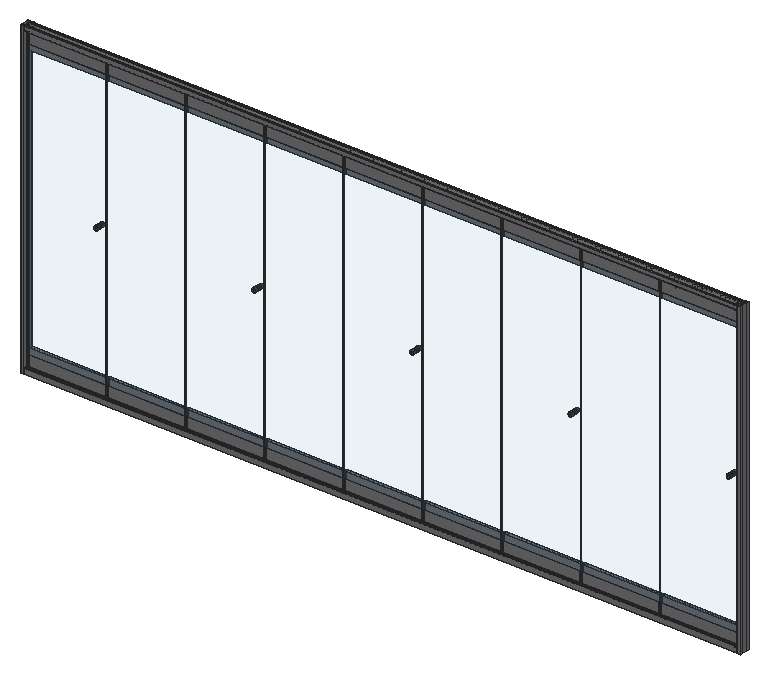
Revit family "QFL9 LH 2380", category Doors, host Wall, Revit 2024
Family settings
  Host = Wall
  OmniClass Number = 23.30.10.00
  OmniClass Title = Doors
  Always vertical = Yes
  Cut with Voids When Loaded = No
  Shared = No
  Room Calculation Point = No
Parameters
  Function = Interior
  Frame Projection Ext. = 25 mm
  Frame Projection Int. = 25 mm
  Frame Width = 75 mm
  Height = 2383 mm
  Wall Closure = By host
  Width = 5511 mm
  Define Thermal Properties by = Schematic Type
  Analytic Construction = "<None>"
Reference planes
  plane 1: y = 0
  plane 2 "Center (Left/Right)": x = 0
  plane 3 "Left": x = -2755.5
  plane 4 "Right": x = 2755.5
  plane 5: z = 2383
  plane 6 "Exterior": y = 75
  plane 7 "Interior": y = -75
Forms (mm)
  Extrusion 1, solid, material "ALUMINIUM CHAR (TEST)"
    sketch origin (-0.37, 0, 0) x (1, 0, 0) y (0, 1, 0)
      loop
        line (2755.87, 37.5) -> (2725.87, 37.5) -> (2725.87, 34.4) -> (2726.87, 34.4) -> (2726.87, 35.9) -> (2728.37, 35.9) -> (2728.37, 28.3) -> (2726.87, 28.3) -> (2726.87, 29.8) -> (2725.87, 29.8) -> (2725.87, 1.2) -> (2726.87, 1.2) -> (2726.87, 2.7) -> (2728.37, 2.7) -> (2728.37, -4.9) -> (2726.87, -4.9) -> (2726.87, -3.4) -> (2725.87, -3.4) -> (2725.87, -13.1) -> (2721.87, -13.1) -> (2721.87, -11)
        arc (2721.87, -11) -> (2721.724, -10.646) -> (2721.37, -10.5) r 0.5
        line (2721.37, -10.5) -> (2718.62, -10.5) -> (2718.62, -11.5) -> (2720.22, -11.5) -> (2720.22, -13.1) -> (2712.52, -13.1) -> (2712.52, -11.5) -> (2714.12, -11.5) -> (2714.12, -10.5) -> (2711.37, -10.5)
        arc (2711.37, -10.5) -> (2711.017, -10.646) -> (2710.87, -11) r 0.5
        line (2710.87, -11) -> (2710.87, -14.4)
        arc (2710.87, -14.4) -> (2711.017, -14.754) -> (2711.37, -14.9) r 0.5
        line (2711.37, -14.9) -> (2725.87, -14.9) -> (2725.87, -37.5) -> (2755.87, -37.5) -> (2755.87, -22) -> (2754.37, -22) -> (2754.37, -24.5) -> (2751.37, -24.5) -> (2751.37, 24.5) -> (2754.37, 24.5) -> (2754.37, 22) -> (2755.87, 22) -> (2755.87, 37.5)
      loop
        line (2753.87, 26.3) -> (2753.87, 35.5) -> (2730.17, 35.5) -> (2730.17, 27.7)
        arc (2730.17, 27.7) -> (2729.877, 26.993) -> (2729.17, 26.7) r 1
        line (2729.17, 26.7) -> (2727.87, 26.7) -> (2727.87, 4.3) -> (2729.17, 4.3)
        arc (2729.17, 4.3) -> (2729.877, 4.007) -> (2730.17, 3.3) r 1
        line (2730.17, 3.3) -> (2730.17, -5.5)
        arc (2730.17, -5.5) -> (2729.877, -6.207) -> (2729.17, -6.5) r 1
        line (2729.17, -6.5) -> (2727.67, -6.5) -> (2727.67, -35.5) -> (2753.87, -35.5) -> (2753.87, -26.3) -> (2750.97, -26.3)
        arc (2750.97, -26.3) -> (2749.98, -25.89) -> (2749.57, -24.9) r 1.4
        line (2749.57, -24.9) -> (2749.57, 24.9)
        arc (2749.57, 24.9) -> (2749.98, 25.89) -> (2750.97, 26.3) r 1.4
        line (2750.97, 26.3) -> (2753.87, 26.3)
      loop
        line (-2755.13, 37.5) -> (-2755.13, 22) -> (-2753.63, 22) -> (-2753.63, 24.5) -> (-2750.63, 24.5) -> (-2750.63, -24.5) -> (-2753.63, -24.5) -> (-2753.63, -22) -> (-2755.13, -22) -> (-2755.13, -37.5) -> (-2725.13, -37.5) -> (-2725.13, -14.9) -> (-2710.63, -14.9)
        arc (-2710.63, -14.9) -> (-2710.276, -14.754) -> (-2710.13, -14.4) r 0.5
        line (-2710.13, -14.4) -> (-2710.13, -11)
        arc (-2710.13, -11) -> (-2710.276, -10.646) -> (-2710.63, -10.5) r 0.5
        line (-2710.63, -10.5) -> (-2713.38, -10.5) -> (-2713.38, -11.5) -> (-2711.78, -11.5) -> (-2711.78, -13.1) -> (-2719.48, -13.1) -> (-2719.48, -11.5) -> (-2717.88, -11.5) -> (-2717.88, -10.5) -> (-2720.63, -10.5)
        arc (-2720.63, -10.5) -> (-2720.983, -10.646) -> (-2721.13, -11) r 0.5
        line (-2721.13, -11) -> (-2721.13, -13.1) -> (-2725.13, -13.1) -> (-2725.13, -3.4) -> (-2726.13, -3.4) -> (-2726.13, -4.9) -> (-2727.63, -4.9) -> (-2727.63, 2.7) -> (-2726.13, 2.7) -> (-2726.13, 1.2) -> (-2725.13, 1.2) -> (-2725.13, 29.8) -> (-2726.13, 29.8) -> (-2726.13, 28.3) -> (-2727.63, 28.3) -> (-2727.63, 35.9) -> (-2726.13, 35.9) -> (-2726.13, 34.4) -> (-2725.13, 34.4) -> (-2725.13, 37.5) -> (-2755.13, 37.5)
      loop
        line (-2753.13, 26.3) -> (-2750.23, 26.3)
        arc (-2750.23, 26.3) -> (-2749.24, 25.89) -> (-2748.83, 24.9) r 1.4
        line (-2748.83, 24.9) -> (-2748.83, -24.9)
        arc (-2748.83, -24.9) -> (-2749.24, -25.89) -> (-2750.23, -26.3) r 1.4
        line (-2750.23, -26.3) -> (-2753.13, -26.3) -> (-2753.13, -35.5) -> (-2726.93, -35.5) -> (-2726.93, -6.5) -> (-2728.43, -6.5)
        arc (-2728.43, -6.5) -> (-2729.137, -6.207) -> (-2729.43, -5.5) r 1
        line (-2729.43, -5.5) -> (-2729.43, 3.3)
        arc (-2729.43, 3.3) -> (-2729.137, 4.007) -> (-2728.43, 4.3) r 1
        line (-2728.43, 4.3) -> (-2727.13, 4.3) -> (-2727.13, 26.7) -> (-2728.43, 26.7)
        arc (-2728.43, 26.7) -> (-2729.137, 26.993) -> (-2729.43, 27.7) r 1
        line (-2729.43, 27.7) -> (-2729.43, 35.5) -> (-2753.13, 35.5) -> (-2753.13, 26.3)
    from 0 to 2383
  Extrusion 2, solid, material "ALUMINIUM CHAR (TEST)"
    sketch origin (-942.37, 0, 0) x (0, -1, 0) y (0, 0, 1)
      loop
        line (-36.55, 18) -> (-36.55, 20.5) -> (-37.5, 20.5) -> (-37.5, 0) -> (-35.5, 0) -> (-35.5, 2) -> (-13.5, 2) -> (-13.5, 0) -> (-11.5, 0) -> (-11.5, 2) -> (10.5, 2) -> (10.5, 0) -> (12.5, 0) -> (12.5, 2) -> (35.5, 2) -> (35.5, 0) -> (37.5, 0) -> (37.5, 44.5)
        arc (37.5, 44.5) -> (37.354, 44.854) -> (37, 45) r 0.5
        line (37, 45) -> (32.199, 45) -> (31.492, 44.5) -> (26.524, 44.5) -> (25.817, 45) -> (22.199, 45) -> (21.492, 44.5) -> (16.524, 44.5) -> (15.817, 44.999) -> (11.001, 44.999)
        arc (11.001, 44.999) -> (10.648, 44.853) -> (10.502, 44.501) r 0.499
        line (10.502, 44.501) -> (10.502, 41.75) -> (11.5, 41.75) -> (11.5, 43.35) -> (13.1, 43.35) -> (13.1, 35.65) -> (11.5, 35.65) -> (11.5, 37.25) -> (10.5, 37.25) -> (10.5, 11.9)
        arc (10.5, 11.9) -> (10.061, 10.839) -> (9, 10.4) r 1.5
        line (9, 10.4) -> (3, 10.4)
        arc (3, 10.4) -> (1.939, 10.839) -> (1.5, 11.9) r 1.5
        line (1.5, 11.9) -> (1.5, 20)
        arc (1.5, 20) -> (0.851, 21.475) -> (-0.674, 21.992) r 2
        line (-0.674, 21.992) -> (-9.95, 20.504) -> (-9.95, 18) -> (-36.55, 18)
      loop
        line (10.5, 4.2) -> (10.5, 8.4) -> (3, 8.4)
        arc (3, 8.4) -> (0.525, 9.425) -> (-0.5, 11.9) r 3.5
        line (-0.5, 11.9) -> (-0.5, 20.057) -> (-7.95, 18.629) -> (-7.95, 16) -> (-35.5, 16) -> (-35.5, 4.2) -> (10.5, 4.2)
      loop
        line (12.5, 4.2) -> (35.5, 4.2) -> (35.5, 43) -> (15.1, 43) -> (15.1, 34) -> (12.5, 34) -> (12.5, 4.2)
      loop
        arc (-37.5, 2354) -> (-37.207, 2353.293) -> (-36.5, 2353) r 1
        line (-36.5, 2353) -> (-34.25, 2353) -> (-34.25, 2354) -> (-35.85, 2354) -> (-35.85, 2355.6) -> (-28.15, 2355.6) -> (-28.15, 2354) -> (-29.75, 2354) -> (-29.75, 2353) -> (-25.9, 2353)
        arc (-25.9, 2353) -> (-24.486, 2353.586) -> (-23.9, 2355) r 2
        line (-23.9, 2355) -> (-23.9, 2376.2)
        arc (-23.9, 2376.2) -> (-23.754, 2376.554) -> (-23.4, 2376.7) r 0.5
        line (-23.4, 2376.7) -> (-6.85, 2376.7) -> (-6.85, 2355)
        arc (-6.85, 2355) -> (-6.264, 2353.586) -> (-4.85, 2353) r 2
        line (-4.85, 2353) -> (13.1, 2353) -> (13.1, 2349) -> (11, 2349)
        arc (11, 2349) -> (10.646, 2348.854) -> (10.5, 2348.5) r 0.5
        line (10.5, 2348.5) -> (10.5, 2345.75) -> (11.5, 2345.75) -> (11.5, 2347.35) -> (13.1, 2347.35) -> (13.1, 2339.65) -> (11.5, 2339.65) -> (11.5, 2341.25) -> (10.5, 2341.25) -> (10.5, 2338.5)
        arc (10.5, 2338.5) -> (10.646, 2338.146) -> (11, 2338) r 0.5
        line (11, 2338) -> (14.4, 2338)
        arc (14.4, 2338) -> (14.754, 2338.146) -> (14.9, 2338.5) r 0.5
        line (14.9, 2338.5) -> (14.9, 2353) -> (36.5, 2353)
        arc (36.5, 2353) -> (37.207, 2353.293) -> (37.5, 2354) r 1
        line (37.5, 2354) -> (37.5, 2383) -> (22, 2383) -> (22, 2381.5) -> (24.5, 2381.5) -> (24.5, 2378.5) -> (-24.5, 2378.5) -> (-24.5, 2381.5) -> (-22, 2381.5) -> (-22, 2383) -> (-25.4, 2383)
        arc (-25.4, 2383) -> (-26.107, 2382.707) -> (-26.4, 2382) r 1
        line (-26.4, 2382) -> (-26.4, 2370.5)
        arc (-26.4, 2370.5) -> (-26.546, 2370.146) -> (-26.9, 2370) r 0.5
        line (-26.9, 2370) -> (-35, 2370)
        arc (-35, 2370) -> (-35.354, 2370.146) -> (-35.5, 2370.5) r 0.5
        line (-35.5, 2370.5) -> (-35.5, 2380.5)
        arc (-35.5, 2380.5) -> (-35.354, 2380.854) -> (-35, 2381) r 0.5
        line (-35, 2381) -> (-33.5, 2381) -> (-33.5, 2383) -> (-36.5, 2383)
        arc (-36.5, 2383) -> (-37.207, 2382.707) -> (-37.5, 2382) r 1
        line (-37.5, 2382) -> (-37.5, 2354)
      loop
        line (35.5, 2355) -> (35.5, 2381) -> (26.3, 2381) -> (26.3, 2378.1)
        arc (26.3, 2378.1) -> (25.89, 2377.11) -> (24.9, 2376.7) r 1.4
        line (24.9, 2376.7) -> (-4.85, 2376.7) -> (-4.85, 2355.5)
        arc (-4.85, 2355.5) -> (-4.704, 2355.146) -> (-4.35, 2355) r 0.5
        line (-4.35, 2355) -> (35.5, 2355)
      loop
        line (-26.4, 2357.2) -> (-26.4, 2367.5)
        arc (-26.4, 2367.5) -> (-26.546, 2367.854) -> (-26.9, 2368) r 0.5
        line (-26.9, 2368) -> (-35, 2368)
        arc (-35, 2368) -> (-35.354, 2367.854) -> (-35.5, 2367.5) r 0.5
        line (-35.5, 2367.5) -> (-35.5, 2357.2) -> (-26.4, 2357.2)
    from -3667.87 to 1783.13
  Extrusion 3, solid, material "ALUMINIUM CHAR (TEST)"
    sketch origin (2714, 0, 0) x (0, -1, 0) y (0, 0, 1)
      loop
        line (10.504, 2344) -> (8.704, 2344) -> (8.704, 2342) -> (5.604, 2342) -> (5.604, 2340.4) -> (8.754, 2340.4) -> (8.754, 2328.033) -> (8.2, 2326.985) -> (8.2, 2324) -> (-31.196, 2324) -> (-31.196, 2326.92) -> (-31.705, 2327.883) -> (-31.705, 2340.4) -> (-28.596, 2340.4) -> (-28.596, 2342) -> (-31.696, 2342) -> (-31.696, 2344) -> (-33.496, 2344) -> (-33.496, 2219) -> (-23.496, 2209) -> (2.504, 2209) -> (2.504, 2254) -> (10.504, 2254) -> (10.504, 2344)
      loop
        line (8.714, 2256) -> (8.714, 2322.2) -> (-31.705, 2322.2) -> (-31.705, 2220.038) -> (-22.467, 2210.8) -> (0.504, 2210.8) -> (0.504, 2256) -> (8.714, 2256)
      loop
        line (10.504, 31) -> (10.504, 121) -> (2.504, 121) -> (2.504, 166) -> (-23.496, 166) -> (-33.496, 156) -> (-33.496, 31) -> (-31.696, 31) -> (-31.696, 33) -> (-28.596, 33) -> (-28.596, 34.6) -> (-31.705, 34.6) -> (-31.705, 47.117) -> (-31.196, 48.08) -> (-31.196, 51) -> (8.2, 51) -> (8.2, 48.015) -> (8.754, 46.967) -> (8.754, 34.6) -> (5.604, 34.6) -> (5.604, 33) -> (8.704, 33) -> (8.704, 31) -> (10.504, 31)
      loop
        line (8.714, 119) -> (0.504, 119) -> (0.504, 164.2) -> (-22.467, 164.2) -> (-31.705, 154.962) -> (-31.705, 52.8) -> (8.714, 52.8) -> (8.714, 119)
    from -1 to 589
  Extrusion 4, solid, material "ALUMINIUM CHAR (TEST)"
    sketch origin (2715, 0, 0) x (0, -1, 0) y (0, 0, -1)
      loop
        line (-33.496, -156) -> (-23.496, -166) -> (2.504, -166) -> (2.504, -121) -> (10.504, -121) -> (10.504, -31) -> (5.604, -31) -> (5.604, -51) -> (-28.596, -51) -> (-28.596, -31) -> (-33.496, -31) -> (-33.496, -156)
      loop
        line (-33.496, -2344) -> (-28.596, -2344) -> (-28.596, -2324) -> (5.604, -2324) -> (5.604, -2344) -> (10.504, -2344) -> (10.504, -2254) -> (2.504, -2254) -> (2.504, -2209) -> (-23.496, -2209) -> (-33.496, -2219) -> (-33.496, -2344)
    from 0 to 5
  Extrusion 5, solid, material "ALUMINIUM CHAR (TEST)"
    sketch origin (2125, 0, 0) x (0, -1, 0) y (0, 0, 1)
      loop
        line (-33.496, 156) -> (-33.496, 31) -> (-28.596, 31) -> (-28.596, 51) -> (5.604, 51) -> (5.604, 31) -> (10.504, 31) -> (10.504, 121) -> (2.504, 121) -> (2.504, 166) -> (-23.496, 166) -> (-33.496, 156)
      loop
        line (-33.496, 2344) -> (-33.496, 2219) -> (-23.496, 2209) -> (2.504, 2209) -> (2.504, 2254) -> (10.504, 2254) -> (10.504, 2344) -> (5.604, 2344) -> (5.604, 2324) -> (-28.596, 2324) -> (-28.596, 2344) -> (-33.496, 2344)
    from 0 to 5
  Extrusion 6, solid, material "ALUMINIUM CHAR (TEST)"
    sketch origin (2109, 0, 0) x (0, -1, 0) y (0, 0, 1)
      loop
        line (10.504, 2344) -> (8.704, 2344) -> (8.704, 2342) -> (5.604, 2342) -> (5.604, 2340.4) -> (8.754, 2340.4) -> (8.754, 2328.033) -> (8.2, 2326.985) -> (8.2, 2324) -> (-31.196, 2324) -> (-31.196, 2326.92) -> (-31.705, 2327.883) -> (-31.705, 2340.4) -> (-28.596, 2340.4) -> (-28.596, 2342) -> (-31.696, 2342) -> (-31.696, 2344) -> (-33.496, 2344) -> (-33.496, 2219) -> (-23.496, 2209) -> (2.504, 2209) -> (2.504, 2254) -> (10.504, 2254) -> (10.504, 2344)
      loop
        line (8.714, 2256) -> (8.714, 2322.2) -> (-31.705, 2322.2) -> (-31.705, 2220.038) -> (-22.467, 2210.8) -> (0.504, 2210.8) -> (0.504, 2256) -> (8.714, 2256)
      loop
        line (10.504, 31) -> (10.504, 121) -> (2.504, 121) -> (2.504, 166) -> (-23.496, 166) -> (-33.496, 156) -> (-33.496, 31) -> (-31.696, 31) -> (-31.696, 33) -> (-28.596, 33) -> (-28.596, 34.6) -> (-31.705, 34.6) -> (-31.705, 47.117) -> (-31.196, 48.08) -> (-31.196, 51) -> (8.2, 51) -> (8.2, 48.015) -> (8.754, 46.967) -> (8.754, 34.6) -> (5.604, 34.6) -> (5.604, 33) -> (8.704, 33) -> (8.704, 31) -> (10.504, 31)
      loop
        line (8.714, 119) -> (0.504, 119) -> (0.504, 164.2) -> (-22.467, 164.2) -> (-31.705, 154.962) -> (-31.705, 52.8) -> (8.714, 52.8) -> (8.714, 119)
    from -1 to 589
  Extrusion 7, solid, material "ALUMINIUM CHAR (TEST)"
    sketch origin (2110, 0, 0) x (0, -1, 0) y (0, 0, -1)
      loop
        line (-33.496, -156) -> (-23.496, -166) -> (2.504, -166) -> (2.504, -121) -> (10.504, -121) -> (10.504, -31) -> (5.604, -31) -> (5.604, -51) -> (-28.596, -51) -> (-28.596, -31) -> (-33.496, -31) -> (-33.496, -156)
      loop
        line (-33.496, -2344) -> (-28.596, -2344) -> (-28.596, -2324) -> (5.604, -2324) -> (5.604, -2344) -> (10.504, -2344) -> (10.504, -2254) -> (2.504, -2254) -> (2.504, -2209) -> (-23.496, -2209) -> (-33.496, -2219) -> (-33.496, -2344)
    from 0 to 5
  Extrusion 8, solid, material "ALUMINIUM CHAR (TEST)"
    sketch origin (1520, 0, 0) x (0, -1, 0) y (0, 0, 1)
      loop
        line (-33.496, 156) -> (-33.496, 31) -> (-28.596, 31) -> (-28.596, 51) -> (5.604, 51) -> (5.604, 31) -> (10.504, 31) -> (10.504, 121) -> (2.504, 121) -> (2.504, 166) -> (-23.496, 166) -> (-33.496, 156)
      loop
        line (-33.496, 2344) -> (-33.496, 2219) -> (-23.496, 2209) -> (2.504, 2209) -> (2.504, 2254) -> (10.504, 2254) -> (10.504, 2344) -> (5.604, 2344) -> (5.604, 2324) -> (-28.596, 2324) -> (-28.596, 2344) -> (-33.496, 2344)
    from 0 to 5
  Extrusion 9, solid, material "ALUMINIUM CHAR (TEST)"
    sketch origin (1504, 0, 0) x (0, -1, 0) y (0, 0, 1)
      loop
        line (10.504, 2344) -> (8.704, 2344) -> (8.704, 2342) -> (5.604, 2342) -> (5.604, 2340.4) -> (8.754, 2340.4) -> (8.754, 2328.033) -> (8.2, 2326.985) -> (8.2, 2324) -> (-31.196, 2324) -> (-31.196, 2326.92) -> (-31.705, 2327.883) -> (-31.705, 2340.4) -> (-28.596, 2340.4) -> (-28.596, 2342) -> (-31.696, 2342) -> (-31.696, 2344) -> (-33.496, 2344) -> (-33.496, 2219) -> (-23.496, 2209) -> (2.504, 2209) -> (2.504, 2254) -> (10.504, 2254) -> (10.504, 2344)
      loop
        line (8.714, 2256) -> (8.714, 2322.2) -> (-31.705, 2322.2) -> (-31.705, 2220.038) -> (-22.467, 2210.8) -> (0.504, 2210.8) -> (0.504, 2256) -> (8.714, 2256)
      loop
        line (10.504, 31) -> (10.504, 121) -> (2.504, 121) -> (2.504, 166) -> (-23.496, 166) -> (-33.496, 156) -> (-33.496, 31) -> (-31.696, 31) -> (-31.696, 33) -> (-28.596, 33) -> (-28.596, 34.6) -> (-31.705, 34.6) -> (-31.705, 47.117) -> (-31.196, 48.08) -> (-31.196, 51) -> (8.2, 51) -> (8.2, 48.015) -> (8.754, 46.967) -> (8.754, 34.6) -> (5.604, 34.6) -> (5.604, 33) -> (8.704, 33) -> (8.704, 31) -> (10.504, 31)
      loop
        line (8.714, 119) -> (0.504, 119) -> (0.504, 164.2) -> (-22.467, 164.2) -> (-31.705, 154.962) -> (-31.705, 52.8) -> (8.714, 52.8) -> (8.714, 119)
    from -1 to 589
  Extrusion 10, solid, material "ALUMINIUM CHAR (TEST)"
    sketch origin (1505, 0, 0) x (0, -1, 0) y (0, 0, -1)
      loop
        line (-33.496, -156) -> (-23.496, -166) -> (2.504, -166) -> (2.504, -121) -> (10.504, -121) -> (10.504, -31) -> (5.604, -31) -> (5.604, -51) -> (-28.596, -51) -> (-28.596, -31) -> (-33.496, -31) -> (-33.496, -156)
      loop
        line (-33.496, -2344) -> (-28.596, -2344) -> (-28.596, -2324) -> (5.604, -2324) -> (5.604, -2344) -> (10.504, -2344) -> (10.504, -2254) -> (2.504, -2254) -> (2.504, -2209) -> (-23.496, -2209) -> (-33.496, -2219) -> (-33.496, -2344)
    from 0 to 5
  Extrusion 11, solid, material "ALUMINIUM CHAR (TEST)"
    sketch origin (915, 0, 0) x (0, -1, 0) y (0, 0, 1)
      loop
        line (-33.496, 156) -> (-33.496, 31) -> (-28.596, 31) -> (-28.596, 51) -> (5.604, 51) -> (5.604, 31) -> (10.504, 31) -> (10.504, 121) -> (2.504, 121) -> (2.504, 166) -> (-23.496, 166) -> (-33.496, 156)
      loop
        line (-33.496, 2344) -> (-33.496, 2219) -> (-23.496, 2209) -> (2.504, 2209) -> (2.504, 2254) -> (10.504, 2254) -> (10.504, 2344) -> (5.604, 2344) -> (5.604, 2324) -> (-28.596, 2324) -> (-28.596, 2344) -> (-33.496, 2344)
    from 0 to 5
  Extrusion 12, solid, material "ALUMINIUM CHAR (TEST)"
    sketch origin (899, 0, 0) x (0, -1, 0) y (0, 0, 1)
      loop
        line (10.504, 2344) -> (8.704, 2344) -> (8.704, 2342) -> (5.604, 2342) -> (5.604, 2340.4) -> (8.754, 2340.4) -> (8.754, 2328.033) -> (8.2, 2326.985) -> (8.2, 2324) -> (-31.196, 2324) -> (-31.196, 2326.92) -> (-31.705, 2327.883) -> (-31.705, 2340.4) -> (-28.596, 2340.4) -> (-28.596, 2342) -> (-31.696, 2342) -> (-31.696, 2344) -> (-33.496, 2344) -> (-33.496, 2219) -> (-23.496, 2209) -> (2.504, 2209) -> (2.504, 2254) -> (10.504, 2254) -> (10.504, 2344)
      loop
        line (8.714, 2256) -> (8.714, 2322.2) -> (-31.705, 2322.2) -> (-31.705, 2220.038) -> (-22.467, 2210.8) -> (0.504, 2210.8) -> (0.504, 2256) -> (8.714, 2256)
      loop
        line (10.504, 31) -> (10.504, 121) -> (2.504, 121) -> (2.504, 166) -> (-23.496, 166) -> (-33.496, 156) -> (-33.496, 31) -> (-31.696, 31) -> (-31.696, 33) -> (-28.596, 33) -> (-28.596, 34.6) -> (-31.705, 34.6) -> (-31.705, 47.117) -> (-31.196, 48.08) -> (-31.196, 51) -> (8.2, 51) -> (8.2, 48.015) -> (8.754, 46.967) -> (8.754, 34.6) -> (5.604, 34.6) -> (5.604, 33) -> (8.704, 33) -> (8.704, 31) -> (10.504, 31)
      loop
        line (8.714, 119) -> (0.504, 119) -> (0.504, 164.2) -> (-22.467, 164.2) -> (-31.705, 154.962) -> (-31.705, 52.8) -> (8.714, 52.8) -> (8.714, 119)
    from -1 to 589
  Extrusion 13, solid, material "ALUMINIUM CHAR (TEST)"
    sketch origin (900, 0, 0) x (0, -1, 0) y (0, 0, -1)
      loop
        line (-33.496, -156) -> (-23.496, -166) -> (2.504, -166) -> (2.504, -121) -> (10.504, -121) -> (10.504, -31) -> (5.604, -31) -> (5.604, -51) -> (-28.596, -51) -> (-28.596, -31) -> (-33.496, -31) -> (-33.496, -156)
      loop
        line (-33.496, -2344) -> (-28.596, -2344) -> (-28.596, -2324) -> (5.604, -2324) -> (5.604, -2344) -> (10.504, -2344) -> (10.504, -2254) -> (2.504, -2254) -> (2.504, -2209) -> (-23.496, -2209) -> (-33.496, -2219) -> (-33.496, -2344)
    from 0 to 5
  Extrusion 14, solid, material "ALUMINIUM CHAR (TEST)"
    sketch origin (310, 0, 0) x (0, -1, 0) y (0, 0, 1)
      loop
        line (-33.496, 156) -> (-33.496, 31) -> (-28.596, 31) -> (-28.596, 51) -> (5.604, 51) -> (5.604, 31) -> (10.504, 31) -> (10.504, 121) -> (2.504, 121) -> (2.504, 166) -> (-23.496, 166) -> (-33.496, 156)
      loop
        line (-33.496, 2344) -> (-33.496, 2219) -> (-23.496, 2209) -> (2.504, 2209) -> (2.504, 2254) -> (10.504, 2254) -> (10.504, 2344) -> (5.604, 2344) -> (5.604, 2324) -> (-28.596, 2324) -> (-28.596, 2344) -> (-33.496, 2344)
    from 0 to 5
  Extrusion 15, solid, material "ALUMINIUM CHAR (TEST)"
    sketch origin (294, 0, 0) x (0, -1, 0) y (0, 0, 1)
      loop
        line (10.504, 2344) -> (8.704, 2344) -> (8.704, 2342) -> (5.604, 2342) -> (5.604, 2340.4) -> (8.754, 2340.4) -> (8.754, 2328.033) -> (8.2, 2326.985) -> (8.2, 2324) -> (-31.196, 2324) -> (-31.196, 2326.92) -> (-31.705, 2327.883) -> (-31.705, 2340.4) -> (-28.596, 2340.4) -> (-28.596, 2342) -> (-31.696, 2342) -> (-31.696, 2344) -> (-33.496, 2344) -> (-33.496, 2219) -> (-23.496, 2209) -> (2.504, 2209) -> (2.504, 2254) -> (10.504, 2254) -> (10.504, 2344)
      loop
        line (8.714, 2256) -> (8.714, 2322.2) -> (-31.705, 2322.2) -> (-31.705, 2220.038) -> (-22.467, 2210.8) -> (0.504, 2210.8) -> (0.504, 2256) -> (8.714, 2256)
      loop
        line (10.504, 31) -> (10.504, 121) -> (2.504, 121) -> (2.504, 166) -> (-23.496, 166) -> (-33.496, 156) -> (-33.496, 31) -> (-31.696, 31) -> (-31.696, 33) -> (-28.596, 33) -> (-28.596, 34.6) -> (-31.705, 34.6) -> (-31.705, 47.117) -> (-31.196, 48.08) -> (-31.196, 51) -> (8.2, 51) -> (8.2, 48.015) -> (8.754, 46.967) -> (8.754, 34.6) -> (5.604, 34.6) -> (5.604, 33) -> (8.704, 33) -> (8.704, 31) -> (10.504, 31)
      loop
        line (8.714, 119) -> (0.504, 119) -> (0.504, 164.2) -> (-22.467, 164.2) -> (-31.705, 154.962) -> (-31.705, 52.8) -> (8.714, 52.8) -> (8.714, 119)
    from -1 to 589
  Extrusion 16, solid, material "ALUMINIUM CHAR (TEST)"
    sketch origin (295, 0, 0) x (0, -1, 0) y (0, 0, -1)
      loop
        line (-33.496, -156) -> (-23.496, -166) -> (2.504, -166) -> (2.504, -121) -> (10.504, -121) -> (10.504, -31) -> (5.604, -31) -> (5.604, -51) -> (-28.596, -51) -> (-28.596, -31) -> (-33.496, -31) -> (-33.496, -156)
      loop
        line (-33.496, -2344) -> (-28.596, -2344) -> (-28.596, -2324) -> (5.604, -2324) -> (5.604, -2344) -> (10.504, -2344) -> (10.504, -2254) -> (2.504, -2254) -> (2.504, -2209) -> (-23.496, -2209) -> (-33.496, -2219) -> (-33.496, -2344)
    from 0 to 5
  Extrusion 17, solid, material "ALUMINIUM CHAR (TEST)"
    sketch origin (-295, 0, 0) x (0, -1, 0) y (0, 0, 1)
      loop
        line (-33.496, 156) -> (-33.496, 31) -> (-28.596, 31) -> (-28.596, 51) -> (5.604, 51) -> (5.604, 31) -> (10.504, 31) -> (10.504, 121) -> (2.504, 121) -> (2.504, 166) -> (-23.496, 166) -> (-33.496, 156)
      loop
        line (-33.496, 2344) -> (-33.496, 2219) -> (-23.496, 2209) -> (2.504, 2209) -> (2.504, 2254) -> (10.504, 2254) -> (10.504, 2344) -> (5.604, 2344) -> (5.604, 2324) -> (-28.596, 2324) -> (-28.596, 2344) -> (-33.496, 2344)
    from 0 to 5
  Extrusion 18, solid, material "ALUMINIUM CHAR (TEST)"
    sketch origin (-311, 0, 0) x (0, -1, 0) y (0, 0, 1)
      loop
        line (10.504, 2344) -> (8.704, 2344) -> (8.704, 2342) -> (5.604, 2342) -> (5.604, 2340.4) -> (8.754, 2340.4) -> (8.754, 2328.033) -> (8.2, 2326.985) -> (8.2, 2324) -> (-31.196, 2324) -> (-31.196, 2326.92) -> (-31.705, 2327.883) -> (-31.705, 2340.4) -> (-28.596, 2340.4) -> (-28.596, 2342) -> (-31.696, 2342) -> (-31.696, 2344) -> (-33.496, 2344) -> (-33.496, 2219) -> (-23.496, 2209) -> (2.504, 2209) -> (2.504, 2254) -> (10.504, 2254) -> (10.504, 2344)
      loop
        line (8.714, 2256) -> (8.714, 2322.2) -> (-31.705, 2322.2) -> (-31.705, 2220.038) -> (-22.467, 2210.8) -> (0.504, 2210.8) -> (0.504, 2256) -> (8.714, 2256)
      loop
        line (10.504, 31) -> (10.504, 121) -> (2.504, 121) -> (2.504, 166) -> (-23.496, 166) -> (-33.496, 156) -> (-33.496, 31) -> (-31.696, 31) -> (-31.696, 33) -> (-28.596, 33) -> (-28.596, 34.6) -> (-31.705, 34.6) -> (-31.705, 47.117) -> (-31.196, 48.08) -> (-31.196, 51) -> (8.2, 51) -> (8.2, 48.015) -> (8.754, 46.967) -> (8.754, 34.6) -> (5.604, 34.6) -> (5.604, 33) -> (8.704, 33) -> (8.704, 31) -> (10.504, 31)
      loop
        line (8.714, 119) -> (0.504, 119) -> (0.504, 164.2) -> (-22.467, 164.2) -> (-31.705, 154.962) -> (-31.705, 52.8) -> (8.714, 52.8) -> (8.714, 119)
    from -1 to 589
  Extrusion 19, solid, material "ALUMINIUM CHAR (TEST)"
    sketch origin (-310, 0, 0) x (0, -1, 0) y (0, 0, -1)
      loop
        line (-33.496, -156) -> (-23.496, -166) -> (2.504, -166) -> (2.504, -121) -> (10.504, -121) -> (10.504, -31) -> (5.604, -31) -> (5.604, -51) -> (-28.596, -51) -> (-28.596, -31) -> (-33.496, -31) -> (-33.496, -156)
      loop
        line (-33.496, -2344) -> (-28.596, -2344) -> (-28.596, -2324) -> (5.604, -2324) -> (5.604, -2344) -> (10.504, -2344) -> (10.504, -2254) -> (2.504, -2254) -> (2.504, -2209) -> (-23.496, -2209) -> (-33.496, -2219) -> (-33.496, -2344)
    from 0 to 5
  Extrusion 20, solid, material "ALUMINIUM CHAR (TEST)"
    sketch origin (-900, 0, 0) x (0, -1, 0) y (0, 0, 1)
      loop
        line (-33.496, 156) -> (-33.496, 31) -> (-28.596, 31) -> (-28.596, 51) -> (5.604, 51) -> (5.604, 31) -> (10.504, 31) -> (10.504, 121) -> (2.504, 121) -> (2.504, 166) -> (-23.496, 166) -> (-33.496, 156)
      loop
        line (-33.496, 2344) -> (-33.496, 2219) -> (-23.496, 2209) -> (2.504, 2209) -> (2.504, 2254) -> (10.504, 2254) -> (10.504, 2344) -> (5.604, 2344) -> (5.604, 2324) -> (-28.596, 2324) -> (-28.596, 2344) -> (-33.496, 2344)
    from 0 to 5
  Extrusion 21, solid, material "ALUMINIUM CHAR (TEST)"
    sketch origin (-916, 0, 0) x (0, -1, 0) y (0, 0, 1)
      loop
        line (10.504, 2344) -> (8.704, 2344) -> (8.704, 2342) -> (5.604, 2342) -> (5.604, 2340.4) -> (8.754, 2340.4) -> (8.754, 2328.033) -> (8.2, 2326.985) -> (8.2, 2324) -> (-31.196, 2324) -> (-31.196, 2326.92) -> (-31.705, 2327.883) -> (-31.705, 2340.4) -> (-28.596, 2340.4) -> (-28.596, 2342) -> (-31.696, 2342) -> (-31.696, 2344) -> (-33.496, 2344) -> (-33.496, 2219) -> (-23.496, 2209) -> (2.504, 2209) -> (2.504, 2254) -> (10.504, 2254) -> (10.504, 2344)
      loop
        line (8.714, 2256) -> (8.714, 2322.2) -> (-31.705, 2322.2) -> (-31.705, 2220.038) -> (-22.467, 2210.8) -> (0.504, 2210.8) -> (0.504, 2256) -> (8.714, 2256)
      loop
        line (10.504, 31) -> (10.504, 121) -> (2.504, 121) -> (2.504, 166) -> (-23.496, 166) -> (-33.496, 156) -> (-33.496, 31) -> (-31.696, 31) -> (-31.696, 33) -> (-28.596, 33) -> (-28.596, 34.6) -> (-31.705, 34.6) -> (-31.705, 47.117) -> (-31.196, 48.08) -> (-31.196, 51) -> (8.2, 51) -> (8.2, 48.015) -> (8.754, 46.967) -> (8.754, 34.6) -> (5.604, 34.6) -> (5.604, 33) -> (8.704, 33) -> (8.704, 31) -> (10.504, 31)
      loop
        line (8.714, 119) -> (0.504, 119) -> (0.504, 164.2) -> (-22.467, 164.2) -> (-31.705, 154.962) -> (-31.705, 52.8) -> (8.714, 52.8) -> (8.714, 119)
    from -1 to 589
  Extrusion 22, solid, material "ALUMINIUM CHAR (TEST)"
    sketch origin (-915, 0, 0) x (0, -1, 0) y (0, 0, -1)
      loop
        line (-33.496, -156) -> (-23.496, -166) -> (2.504, -166) -> (2.504, -121) -> (10.504, -121) -> (10.504, -31) -> (5.604, -31) -> (5.604, -51) -> (-28.596, -51) -> (-28.596, -31) -> (-33.496, -31) -> (-33.496, -156)
      loop
        line (-33.496, -2344) -> (-28.596, -2344) -> (-28.596, -2324) -> (5.604, -2324) -> (5.604, -2344) -> (10.504, -2344) -> (10.504, -2254) -> (2.504, -2254) -> (2.504, -2209) -> (-23.496, -2209) -> (-33.496, -2219) -> (-33.496, -2344)
    from 0 to 5
  Extrusion 23, solid, material "ALUMINIUM CHAR (TEST)"
    sketch origin (-1505, 0, 0) x (0, -1, 0) y (0, 0, 1)
      loop
        line (-33.496, 156) -> (-33.496, 31) -> (-28.596, 31) -> (-28.596, 51) -> (5.604, 51) -> (5.604, 31) -> (10.504, 31) -> (10.504, 121) -> (2.504, 121) -> (2.504, 166) -> (-23.496, 166) -> (-33.496, 156)
      loop
        line (-33.496, 2344) -> (-33.496, 2219) -> (-23.496, 2209) -> (2.504, 2209) -> (2.504, 2254) -> (10.504, 2254) -> (10.504, 2344) -> (5.604, 2344) -> (5.604, 2324) -> (-28.596, 2324) -> (-28.596, 2344) -> (-33.496, 2344)
    from 0 to 5
  Extrusion 24, solid, material "ALUMINIUM CHAR (TEST)"
    sketch origin (-1521, 0, 0) x (0, -1, 0) y (0, 0, 1)
      loop
        line (10.504, 2344) -> (8.704, 2344) -> (8.704, 2342) -> (5.604, 2342) -> (5.604, 2340.4) -> (8.754, 2340.4) -> (8.754, 2328.033) -> (8.2, 2326.985) -> (8.2, 2324) -> (-31.196, 2324) -> (-31.196, 2326.92) -> (-31.705, 2327.883) -> (-31.705, 2340.4) -> (-28.596, 2340.4) -> (-28.596, 2342) -> (-31.696, 2342) -> (-31.696, 2344) -> (-33.496, 2344) -> (-33.496, 2219) -> (-23.496, 2209) -> (2.504, 2209) -> (2.504, 2254) -> (10.504, 2254) -> (10.504, 2344)
      loop
        line (8.714, 2256) -> (8.714, 2322.2) -> (-31.705, 2322.2) -> (-31.705, 2220.038) -> (-22.467, 2210.8) -> (0.504, 2210.8) -> (0.504, 2256) -> (8.714, 2256)
      loop
        line (10.504, 31) -> (10.504, 121) -> (2.504, 121) -> (2.504, 166) -> (-23.496, 166) -> (-33.496, 156) -> (-33.496, 31) -> (-31.696, 31) -> (-31.696, 33) -> (-28.596, 33) -> (-28.596, 34.6) -> (-31.705, 34.6) -> (-31.705, 47.117) -> (-31.196, 48.08) -> (-31.196, 51) -> (8.2, 51) -> (8.2, 48.015) -> (8.754, 46.967) -> (8.754, 34.6) -> (5.604, 34.6) -> (5.604, 33) -> (8.704, 33) -> (8.704, 31) -> (10.504, 31)
      loop
        line (8.714, 119) -> (0.504, 119) -> (0.504, 164.2) -> (-22.467, 164.2) -> (-31.705, 154.962) -> (-31.705, 52.8) -> (8.714, 52.8) -> (8.714, 119)
    from -1 to 589
  Extrusion 25, solid, material "ALUMINIUM CHAR (TEST)"
    sketch origin (-1520, 0, 0) x (0, -1, 0) y (0, 0, -1)
      loop
        line (-33.496, -156) -> (-23.496, -166) -> (2.504, -166) -> (2.504, -121) -> (10.504, -121) -> (10.504, -31) -> (5.604, -31) -> (5.604, -51) -> (-28.596, -51) -> (-28.596, -31) -> (-33.496, -31) -> (-33.496, -156)
      loop
        line (-33.496, -2344) -> (-28.596, -2344) -> (-28.596, -2324) -> (5.604, -2324) -> (5.604, -2344) -> (10.504, -2344) -> (10.504, -2254) -> (2.504, -2254) -> (2.504, -2209) -> (-23.496, -2209) -> (-33.496, -2219) -> (-33.496, -2344)
    from 0 to 5
  Extrusion 26, solid, material "ALUMINIUM CHAR (TEST)"
    sketch origin (-2110, 0, 0) x (0, -1, 0) y (0, 0, 1)
      loop
        line (-33.496, 156) -> (-33.496, 31) -> (-28.596, 31) -> (-28.596, 51) -> (5.604, 51) -> (5.604, 31) -> (10.504, 31) -> (10.504, 121) -> (2.504, 121) -> (2.504, 166) -> (-23.496, 166) -> (-33.496, 156)
      loop
        line (-33.496, 2344) -> (-33.496, 2219) -> (-23.496, 2209) -> (2.504, 2209) -> (2.504, 2254) -> (10.504, 2254) -> (10.504, 2344) -> (5.604, 2344) -> (5.604, 2324) -> (-28.596, 2324) -> (-28.596, 2344) -> (-33.496, 2344)
    from 0 to 5
  Extrusion 27, solid, material "ALUMINIUM CHAR (TEST)"
    sketch origin (-2126, 0, 0) x (0, -1, 0) y (0, 0, 1)
      loop
        line (10.504, 2344) -> (8.704, 2344) -> (8.704, 2342) -> (5.604, 2342) -> (5.604, 2340.4) -> (8.754, 2340.4) -> (8.754, 2328.033) -> (8.2, 2326.985) -> (8.2, 2324) -> (-31.196, 2324) -> (-31.196, 2326.92) -> (-31.705, 2327.883) -> (-31.705, 2340.4) -> (-28.596, 2340.4) -> (-28.596, 2342) -> (-31.696, 2342) -> (-31.696, 2344) -> (-33.496, 2344) -> (-33.496, 2219) -> (-23.496, 2209) -> (2.504, 2209) -> (2.504, 2254) -> (10.504, 2254) -> (10.504, 2344)
      loop
        line (8.714, 2256) -> (8.714, 2322.2) -> (-31.705, 2322.2) -> (-31.705, 2220.038) -> (-22.467, 2210.8) -> (0.504, 2210.8) -> (0.504, 2256) -> (8.714, 2256)
      loop
        line (10.504, 31) -> (10.504, 121) -> (2.504, 121) -> (2.504, 166) -> (-23.496, 166) -> (-33.496, 156) -> (-33.496, 31) -> (-31.696, 31) -> (-31.696, 33) -> (-28.596, 33) -> (-28.596, 34.6) -> (-31.705, 34.6) -> (-31.705, 47.117) -> (-31.196, 48.08) -> (-31.196, 51) -> (8.2, 51) -> (8.2, 48.015) -> (8.754, 46.967) -> (8.754, 34.6) -> (5.604, 34.6) -> (5.604, 33) -> (8.704, 33) -> (8.704, 31) -> (10.504, 31)
      loop
        line (8.714, 119) -> (0.504, 119) -> (0.504, 164.2) -> (-22.467, 164.2) -> (-31.705, 154.962) -> (-31.705, 52.8) -> (8.714, 52.8) -> (8.714, 119)
    from -1 to 589
  Extrusion 28, solid, material "Glass"
    sketch origin (-2760, 0, 0) x (0, -1, 0) y (0, 0, 1)
      loop
        line (2.504, 121) -> (12.504, 121) -> (12.504, 2254) -> (2.504, 2254) -> (2.504, 121)
    from -640 to -40
  Extrusion 29, solid, material "ALUMINIUM CHAR (TEST)"
    sketch origin (-2125, 0, 0) x (0, -1, 0) y (0, 0, -1)
      loop
        line (-33.496, -156) -> (-23.496, -166) -> (2.504, -166) -> (2.504, -121) -> (10.504, -121) -> (10.504, -31) -> (5.604, -31) -> (5.604, -51) -> (-28.596, -51) -> (-28.596, -31) -> (-33.496, -31) -> (-33.496, -156)
      loop
        line (-33.496, -2344) -> (-28.596, -2344) -> (-28.596, -2324) -> (5.604, -2324) -> (5.604, -2344) -> (10.504, -2344) -> (10.504, -2254) -> (2.504, -2254) -> (2.504, -2209) -> (-23.496, -2209) -> (-33.496, -2219) -> (-33.496, -2344)
    from 0 to 5
  Extrusion 30, solid, material "ALUMINIUM CHAR (TEST)"
    sketch origin (-2715, 0, 0) x (0, -1, 0) y (0, 0, 1)
      loop
        line (-33.496, 156) -> (-33.496, 31) -> (-28.596, 31) -> (-28.596, 51) -> (5.604, 51) -> (5.604, 31) -> (10.504, 31) -> (10.504, 121) -> (2.504, 121) -> (2.504, 166) -> (-23.496, 166) -> (-33.496, 156)
      loop
        line (-33.496, 2344) -> (-33.496, 2219) -> (-23.496, 2209) -> (2.504, 2209) -> (2.504, 2254) -> (10.504, 2254) -> (10.504, 2344) -> (5.604, 2344) -> (5.604, 2324) -> (-28.596, 2324) -> (-28.596, 2344) -> (-33.496, 2344)
    from 0 to 5
  Revolve 31, solid, material "Metal, Powder Coated, Black"
    sketch origin (-2175.5, 140.744, 160.823) x (0, -1, 0) y (0, 0, 1)
      loop
        line (151.249, 1029.677) -> (181.249, 1029.677) -> (181.249, 1043.677) -> (180.249, 1044.677) -> (164.249, 1044.677) -> (159.249, 1039.677) -> (154.249, 1044.677) -> (151.249, 1044.677) -> (151.249, 1029.677)
      axis (181.249, 1029.677) -> (151.249, 1029.677)
    angle from 0 to 360
  Revolve 32, solid, material "Metal, Powder Coated, Black"
    sketch origin (-965.5, 140.744, 160.823) x (0, -1, 0) y (0, 0, 1)
      loop
        line (151.249, 1029.677) -> (181.249, 1029.677) -> (181.249, 1043.677) -> (180.249, 1044.677) -> (164.249, 1044.677) -> (159.249, 1039.677) -> (154.249, 1044.677) -> (151.249, 1044.677) -> (151.249, 1029.677)
      axis (181.249, 1029.677) -> (151.249, 1029.677)
    angle from 0 to 360
  Revolve 33, solid, material "Metal, Powder Coated, Black"
    sketch origin (244.5, 140.744, 160.823) x (0, -1, 0) y (0, 0, 1)
      loop
        line (151.249, 1029.677) -> (181.249, 1029.677) -> (181.249, 1043.677) -> (180.249, 1044.677) -> (164.249, 1044.677) -> (159.249, 1039.677) -> (154.249, 1044.677) -> (151.249, 1044.677) -> (151.249, 1029.677)
      axis (181.249, 1029.677) -> (151.249, 1029.677)
    angle from 0 to 360
  Revolve 34, solid, material "Metal, Powder Coated, Black"
    sketch origin (1454.5, 140.744, 160.823) x (0, -1, 0) y (0, 0, 1)
      loop
        line (151.249, 1029.677) -> (181.249, 1029.677) -> (181.249, 1043.677) -> (180.249, 1044.677) -> (164.249, 1044.677) -> (159.249, 1039.677) -> (154.249, 1044.677) -> (151.249, 1044.677) -> (151.249, 1029.677)
      axis (181.249, 1029.677) -> (151.249, 1029.677)
    angle from 0 to 360
  Revolve 35, solid, material "Metal, Powder Coated, Black"
    sketch origin (2664.5, 140.744, 160.823) x (0, -1, 0) y (0, 0, 1)
      loop
        line (151.249, 1029.677) -> (181.249, 1029.677) -> (181.249, 1043.677) -> (180.249, 1044.677) -> (164.249, 1044.677) -> (159.249, 1039.677) -> (154.249, 1044.677) -> (151.249, 1044.677) -> (151.249, 1029.677)
      axis (181.249, 1029.677) -> (151.249, 1029.677)
    angle from 0 to 360
  Revolve 36, solid, material "Metal, Powder Coated, Black"
    sketch origin (-2175.5, -153.753, 169.823) x (0, 1, 0) y (0, 0, -1)
      loop
        line (151.249, -1021.677) -> (151.249, -1036.677) -> (154.249, -1036.677) -> (159.249, -1031.677) -> (164.249, -1036.677) -> (180.249, -1036.677) -> (181.249, -1035.677) -> (181.249, -1021.677) -> (151.249, -1021.677)
      axis (181.249, -1021.677) -> (151.249, -1021.677)
    angle from 0 to 360
  Revolve 37, solid, material "Metal, Powder Coated, Black"
    sketch origin (-965.5, -153.753, 169.823) x (0, 1, 0) y (0, 0, -1)
      loop
        line (151.249, -1021.677) -> (151.249, -1036.677) -> (154.249, -1036.677) -> (159.249, -1031.677) -> (164.249, -1036.677) -> (180.249, -1036.677) -> (181.249, -1035.677) -> (181.249, -1021.677) -> (151.249, -1021.677)
      axis (181.249, -1021.677) -> (151.249, -1021.677)
    angle from 0 to 360
  Revolve 38, solid, material "Metal, Powder Coated, Black"
    sketch origin (244.5, -153.753, 169.823) x (0, 1, 0) y (0, 0, -1)
      loop
        line (151.249, -1021.677) -> (151.249, -1036.677) -> (154.249, -1036.677) -> (159.249, -1031.677) -> (164.249, -1036.677) -> (180.249, -1036.677) -> (181.249, -1035.677) -> (181.249, -1021.677) -> (151.249, -1021.677)
      axis (181.249, -1021.677) -> (151.249, -1021.677)
    angle from 0 to 360
  Revolve 39, solid, material "Metal, Powder Coated, Black"
    sketch origin (1454.5, -153.753, 169.823) x (0, 1, 0) y (0, 0, -1)
      loop
        line (151.249, -1021.677) -> (151.249, -1036.677) -> (154.249, -1036.677) -> (159.249, -1031.677) -> (164.249, -1036.677) -> (180.249, -1036.677) -> (181.249, -1035.677) -> (181.249, -1021.677) -> (151.249, -1021.677)
      axis (181.249, -1021.677) -> (151.249, -1021.677)
    angle from 0 to 360
  Revolve 40, solid, material "Metal, Powder Coated, Black"
    sketch origin (2664.5, -153.753, 169.823) x (0, 1, 0) y (0, 0, -1)
      loop
        line (151.249, -1021.677) -> (151.249, -1036.677) -> (154.249, -1036.677) -> (159.249, -1031.677) -> (164.249, -1036.677) -> (180.249, -1036.677) -> (181.249, -1035.677) -> (181.249, -1021.677) -> (151.249, -1021.677)
      axis (181.249, -1021.677) -> (151.249, -1021.677)
    angle from 0 to 360
  Extrusion 41, solid, material "Glass"
    sketch origin (-2155, 0, 0) x (0, -1, 0) y (0, 0, 1)
      loop
        line (2.504, 121) -> (12.504, 121) -> (12.504, 2254) -> (2.504, 2254) -> (2.504, 121)
    from -640 to -40
  Extrusion 42, solid, material "Glass"
    sketch origin (-1550, 0, 0) x (0, -1, 0) y (0, 0, 1)
      loop
        line (2.504, 121) -> (12.504, 121) -> (12.504, 2254) -> (2.504, 2254) -> (2.504, 121)
    from -640 to -40
  Extrusion 43, solid, material "Glass"
    sketch origin (-945, 0, 0) x (0, -1, 0) y (0, 0, 1)
      loop
        line (2.504, 121) -> (12.504, 121) -> (12.504, 2254) -> (2.504, 2254) -> (2.504, 121)
    from -640 to -40
  Extrusion 44, solid, material "Glass"
    sketch origin (-340, 0, 0) x (0, -1, 0) y (0, 0, 1)
      loop
        line (2.504, 121) -> (12.504, 121) -> (12.504, 2254) -> (2.504, 2254) -> (2.504, 121)
    from -640 to -40
  Extrusion 45, solid, material "Glass"
    sketch origin (265, 0, 0) x (0, -1, 0) y (0, 0, 1)
      loop
        line (2.504, 121) -> (12.504, 121) -> (12.504, 2254) -> (2.504, 2254) -> (2.504, 121)
    from -640 to -40
  Extrusion 46, solid, material "Glass"
    sketch origin (870, 0, 0) x (0, -1, 0) y (0, 0, 1)
      loop
        line (2.504, 121) -> (12.504, 121) -> (12.504, 2254) -> (2.504, 2254) -> (2.504, 121)
    from -640 to -40
  Extrusion 47, solid, material "Glass"
    sketch origin (1475, 0, 0) x (0, -1, 0) y (0, 0, 1)
      loop
        line (2.504, 121) -> (12.504, 121) -> (12.504, 2254) -> (2.504, 2254) -> (2.504, 121)
    from -640 to -40
  Extrusion 48, solid, material "Glass"
    sketch origin (2080, 0, 0) x (0, -1, 0) y (0, 0, 1)
      loop
        line (2.504, 121) -> (12.504, 121) -> (12.504, 2254) -> (2.504, 2254) -> (2.504, 121)
    from -640 to -40
Lines and regions (mm)
  Opening 1
    outline origin (-3050, -75, 0) x (1, 0, 0) y (0, 0, 1)
      loop
        line (294.5, 0) -> (5805.5, 0) -> (5805.5, 2383) -> (294.5, 2383) -> (294.5, 0)
  model lines
    curve 1: line (-2271.528, 75, 1191.5) -> (-2446.528, 75, 1191.5)
    curve 2: line (-2585.606, 75, 1191.5) -> (-2446.528, 75, 1247.691)
    curve 3: line (-2446.528, 75, 1247.691) -> (-2446.528, 75, 1135.309)
    curve 4: line (-2585.606, 75, 1191.5) -> (-2446.528, 75, 1135.309)
    curve 5: line (-1666.528, 75, 1191.5) -> (-1841.528, 75, 1191.5)
    curve 6: line (-1980.606, 75, 1191.5) -> (-1841.528, 75, 1247.691)
    curve 7: line (-1841.528, 75, 1247.691) -> (-1841.528, 75, 1135.309)
    curve 8: line (-1980.606, 75, 1191.5) -> (-1841.528, 75, 1135.309)
    curve 9: line (-1061.528, 75, 1191.5) -> (-1236.528, 75, 1191.5)
    curve 10: line (-1375.606, 75, 1191.5) -> (-1236.528, 75, 1247.691)
    curve 11: line (-1236.528, 75, 1247.691) -> (-1236.528, 75, 1135.309)
    curve 12: line (-1375.606, 75, 1191.5) -> (-1236.528, 75, 1135.309)
    curve 13: line (-456.528, 75, 1191.5) -> (-631.528, 75, 1191.5)
    curve 14: line (-770.606, 75, 1191.5) -> (-631.528, 75, 1247.691)
    curve 15: line (-631.528, 75, 1247.691) -> (-631.528, 75, 1135.309)
    curve 16: line (-770.606, 75, 1191.5) -> (-631.528, 75, 1135.309)
    curve 17: line (148.472, 75, 1191.5) -> (-26.528, 75, 1191.5)
    curve 18: line (-165.606, 75, 1191.5) -> (-26.528, 75, 1247.691)
    curve 19: line (-26.528, 75, 1247.691) -> (-26.528, 75, 1135.309)
    curve 20: line (-165.606, 75, 1191.5) -> (-26.528, 75, 1135.309)
    curve 21: line (753.472, 75, 1191.5) -> (578.472, 75, 1191.5)
    curve 22: line (439.394, 75, 1191.5) -> (578.472, 75, 1247.691)
    curve 23: line (578.472, 75, 1247.691) -> (578.472, 75, 1135.309)
    curve 24: line (439.394, 75, 1191.5) -> (578.472, 75, 1135.309)
    curve 25: line (1358.472, 75, 1191.5) -> (1183.472, 75, 1191.5)
    curve 26: line (1044.394, 75, 1191.5) -> (1183.472, 75, 1247.691)
    curve 27: line (1183.472, 75, 1247.691) -> (1183.472, 75, 1135.309)
    curve 28: line (1044.394, 75, 1191.5) -> (1183.472, 75, 1135.309)
    curve 29: line (1963.472, 75, 1191.5) -> (1788.472, 75, 1191.5)
    curve 30: line (1649.394, 75, 1191.5) -> (1788.472, 75, 1247.691)
    curve 31: line (1788.472, 75, 1247.691) -> (1788.472, 75, 1135.309)
    curve 32: line (1649.394, 75, 1191.5) -> (1788.472, 75, 1135.309)
    curve 33: line (2568.472, 75, 1191.5) -> (2393.472, 75, 1191.5)
    curve 34: line (2254.394, 75, 1191.5) -> (2393.472, 75, 1247.691)
    curve 35: line (2393.472, 75, 1247.691) -> (2393.472, 75, 1135.309)
    curve 36: line (2254.394, 75, 1191.5) -> (2393.472, 75, 1135.309)
Text (mm)
  text "Exterior" at (-2295.016, 1099.543, 0), in view "Ref. Level"
  text "Exterior" at (0, 1615.38, 3698.081), in view "Left"
  text "Exterior" at (0, 1036.032, 3874.932), in view "Right"
Dimensions and locks
  equal spacing: plane 3 "Left", plane 2 "Center (Left/Right)", plane 4 "Right"
  "Width": plane 3 "Left" to plane 4 "Right"
  "Height": plane 5 to host wall
  host wall to plane 5 = 2383 mm  (x2)
  locked: plane 6 "Exterior" to host wall
  locked: plane 7 "Interior" to host wall
  plane 3 "Left" to plane 4 "Right" = 5511 mm
  aligned and locked: plane 3 "Left" to Opening 1 sketch curve
  aligned and locked: plane 5 to Opening 1 sketch curve  (x2)
  aligned and locked: Opening 1 sketch curve to plane 4 "Right"
  aligned and locked: Opening 1 sketch curve to level
  aligned and locked: host wall to plane 1
Automatic sketch dimensions
  curve 2 to plane 3 "Left" = 169.894 mm
  curve 2 to curve 2 = 139.078 mm
  curve 1 to curve 6 = 465.922 mm
  curve 6 to curve 6 = 139.078 mm
  curve 5 to curve 10 = 465.922 mm
  curve 10 to curve 10 = 139.078 mm
  curve 9 to curve 14 = 465.922 mm
  curve 14 to curve 14 = 139.078 mm
  curve 18 to plane 2 "Center (Left/Right)" = 165.606 mm
  curve 18 to plane 2 "Center (Left/Right)" = 26.528 mm
  plane 2 "Center (Left/Right)" to curve 22 = 439.394 mm
  curve 22 to curve 22 = 139.078 mm
  curve 21 to curve 26 = 465.922 mm
  curve 26 to curve 26 = 139.078 mm
  curve 25 to curve 30 = 465.922 mm
  curve 30 to curve 30 = 139.078 mm
  curve 29 to curve 34 = 465.922 mm
  curve 34 to curve 34 = 139.078 mm
  level to curve 36 = 1135.309 mm
  level to curve 28 = 1135.309 mm
  curve 24 to curve 27 = 0 mm
  level to curve 3 = 1135.309 mm
  curve 20 to curve 23 = 0 mm
  curve 16 to curve 19 = 0 mm
  curve 31 to curve 27 = 0 mm
  curve 7 to curve 3 = 0 mm
  curve 12 to curve 7 = 0 mm
  curve 11 to curve 10 = 56.191 mm
  curve 7 to curve 8 = 56.191 mm
  curve 15 to curve 14 = 56.191 mm
  curve 35 to curve 34 = 56.191 mm
  curve 19 to curve 18 = 56.191 mm
  curve 31 to curve 30 = 56.191 mm
  curve 3 to curve 4 = 56.191 mm
  curve 23 to curve 22 = 56.191 mm
  curve 27 to curve 26 = 56.191 mm
  curve 27 to curve 27 = 112.382 mm
  curve 23 to curve 23 = 112.382 mm
  curve 19 to curve 18 = 112.382 mm
  curve 31 to curve 30 = 112.382 mm
  curve 15 to curve 15 = 112.382 mm
  curve 11 to curve 11 = 112.382 mm
  curve 7 to curve 7 = 112.382 mm
  curve 35 to curve 34 = 112.382 mm
  curve 3 to curve 3 = 112.382 mm
  curve 1 to curve 1 = 175 mm
  curve 5 to curve 5 = 175 mm
  curve 9 to curve 9 = 175 mm
  curve 13 to curve 13 = 175 mm
  plane 2 "Center (Left/Right)" to curve 17 = 148.472 mm
  curve 21 to curve 21 = 175 mm
  curve 25 to curve 25 = 175 mm
  curve 29 to curve 29 = 175 mm
  curve 33 to curve 33 = 175 mm
  curve 33 to curve 34 = 56.191 mm
  curve 9 to curve 10 = 56.191 mm
  curve 13 to curve 14 = 56.191 mm
  curve 5 to curve 6 = 56.191 mm
  curve 17 to curve 18 = 56.191 mm
  curve 1 to curve 2 = 56.191 mm
  curve 21 to curve 22 = 56.191 mm
  curve 29 to curve 30 = 56.191 mm
  curve 25 to curve 26 = 56.191 mm
  Extrusion 1 sketch curve to plane 3 "Left" = 0 mm  (x2)
  Extrusion 1 sketch curve to plane 4 "Right" = 0 mm  (x2)
  Extrusion 1 sketch curve to plane 3 "Left" = 1.5 mm  (x2)
  Extrusion 1 sketch curve to Extrusion 1 sketch curve = 0.5 mm  (x9)
  Extrusion 1 sketch curve to plane 3 "Left" = 2 mm
  Extrusion 1 sketch curve to Extrusion 1 sketch curve = 3 mm
  Extrusion 1 sketch curve to Extrusion 1 sketch curve = 0.4 mm  (x7)
  Extrusion 1 sketch curve to Extrusion 1 sketch curve = 1.4 mm  (x3)
  Extrusion 1 sketch curve to Extrusion 1 sketch curve = 19.4 mm
  Extrusion 1 sketch curve to host wall = 3.3 mm
  Extrusion 1 sketch curve to Extrusion 1 sketch curve = 0 mm  (x3)
  Extrusion 1 sketch curve to Extrusion 1 sketch curve = 1 mm  (x13)
  Extrusion 1 sketch curve to Extrusion 1 sketch curve = 0.8 mm  (x3)
  Extrusion 1 sketch curve to Extrusion 1 sketch curve = 1.3 mm  (x4)
  Extrusion 1 sketch curve to Extrusion 1 sketch curve = 21.9 mm
  Extrusion 1 sketch curve to Extrusion 1 sketch curve = 1.5 mm  (x13)
  Extrusion 1 sketch curve to Extrusion 1 sketch curve = 1.8 mm  (x6)
  Extrusion 1 sketch curve to Extrusion 1 sketch curve = 4 mm  (x2)
  Extrusion 1 sketch curve to Extrusion 1 sketch curve = 1.15 mm  (x5)
  Extrusion 1 sketch curve to Extrusion 1 sketch curve = 1.6 mm  (x10)
  Extrusion 1 sketch curve to Extrusion 1 sketch curve = 4.5 mm  (x3)
  host wall to Extrusion 1 sketch curve = 14.4 mm
  plane 4 "Right" to Extrusion 1 sketch curve = 45 mm
  Extrusion 1 sketch curve to Extrusion 1 sketch curve = 1.65 mm
  plane 4 "Right" to Extrusion 1 sketch curve = 30 mm
  Extrusion 1 sketch curve to host wall = 1.2 mm  (x2)
  plane 4 "Right" to Extrusion 1 sketch curve = 6.3 mm
  plane 4 "Right" to Extrusion 1 sketch curve = 2 mm  (x2)
  plane 4 "Right" to Extrusion 1 sketch curve = 1.5 mm  (x2)
  host wall to Extrusion 1 sketch curve = 22 mm  (x2)
  Extrusion 1 sketch curve to Extrusion 1 sketch curve = 2.5 mm  (x4)
  Extrusion 1 sketch curve to Extrusion 1 sketch curve = 9.2 mm  (x2)
  Extrusion 1 sketch curve to Extrusion 1 sketch curve = 20.6 mm
  Extrusion 1 sketch curve to Extrusion 1 sketch curve = 2 mm  (x4)
  host wall to Extrusion 1 sketch curve = 14.9 mm
  host wall to Extrusion 1 sketch curve = 6.5 mm  (x2)
  Extrusion 1 sketch curve to Extrusion 1 sketch curve = 0.6 mm  (x4)
  Extrusion 1 sketch curve to host wall = 22 mm  (x2)
  Extrusion 1 sketch curve to Extrusion 1 sketch curve = 4.6 mm  (x2)
  Extrusion 1 sketch curve to Extrusion 1 sketch curve = 1.1 mm
  Extrusion 2 sketch curve to Extrusion 2 sketch curve = 0 mm  (x12)
  Extrusion 2 sketch curve to level = 0 mm  (x4)
  plane 5 to Extrusion 2 sketch curve = 0 mm  (x3)
  Extrusion 2 sketch curve to host wall = 37.5 mm  (x2)
  plane 5 to Extrusion 2 sketch curve = 29 mm
  Extrusion 2 sketch curve to Extrusion 2 sketch curve = 0.95 mm
  Extrusion 2 sketch curve to Extrusion 2 sketch curve = 1 mm  (x12)
  Extrusion 2 sketch curve to Extrusion 2 sketch curve = 0.65 mm
  Extrusion 2 sketch curve to Extrusion 2 sketch curve = 0.35 mm  (x2)
  Extrusion 2 sketch curve to Extrusion 2 sketch curve = 1.05 mm
  Extrusion 2 sketch curve to Extrusion 2 sketch curve = 2 mm  (x9)
  Extrusion 2 sketch curve to Extrusion 2 sketch curve = 0.5 mm  (x13)
  Extrusion 2 sketch curve to Extrusion 2 sketch curve = 1.6 mm  (x9)
  Extrusion 2 sketch curve to Extrusion 2 sketch curve = 1.5 mm  (x8)
  Extrusion 2 sketch curve to Extrusion 2 sketch curve = 4.5 mm  (x3)
  Extrusion 2 sketch curve to Extrusion 2 sketch curve = 8.1 mm  (x2)
  Extrusion 2 sketch curve to Extrusion 2 sketch curve = 0.9 mm
  Extrusion 2 sketch curve to Extrusion 2 sketch curve = 0.6 mm
  Extrusion 2 sketch curve to Extrusion 2 sketch curve = 2.5 mm  (x3)
  level to Extrusion 2 sketch curve = 2 mm  (x3)
  Extrusion 2 sketch curve to host wall = 13.5 mm
  Extrusion 2 sketch curve to host wall = 9.95 mm
  Extrusion 2 sketch curve to host wall = 6.85 mm
  Extrusion 2 sketch curve to host wall = 0.674 mm
  Extrusion 2 sketch curve to host wall = 0.5 mm
  host wall to Extrusion 2 sketch curve = 1.5 mm
  Extrusion 2 sketch curve to Extrusion 2 sketch curve = 6 mm
  host wall to Extrusion 2 sketch curve = 10.5 mm  (x2)
  Extrusion 2 sketch curve to Extrusion 2 sketch curve = 0.002 mm
  Extrusion 2 sketch curve to Extrusion 2 sketch curve = 0.499 mm
  Extrusion 2 sketch curve to Extrusion 2 sketch curve = 0.998 mm
  Extrusion 2 sketch curve to Extrusion 2 sketch curve = 1.3 mm
  Extrusion 2 sketch curve to Extrusion 2 sketch curve = 0.717 mm
  Extrusion 2 sketch curve to Extrusion 2 sketch curve = 0.707 mm  (x4)
  Extrusion 2 sketch curve to Extrusion 2 sketch curve = 4.968 mm  (x2)
  plane 5 to Extrusion 2 sketch curve = 1.5 mm
  host wall to Extrusion 2 sketch curve = 22 mm
  Extrusion 2 sketch curve to Extrusion 2 sketch curve = 0.4 mm  (x2)
  Extrusion 2 sketch curve to Extrusion 2 sketch curve = 3.617 mm
  Extrusion 2 sketch curve to Extrusion 2 sketch curve = 1.4 mm
  Extrusion 2 sketch curve to Extrusion 2 sketch curve = 23 mm
  Extrusion 2 sketch curve to Extrusion 2 sketch curve = 20.6 mm
  Extrusion 2 sketch curve to Extrusion 2 sketch curve = 3.301 mm
  Extrusion 2 sketch curve to Extrusion 2 sketch curve = 2.2 mm  (x2)
  level to Extrusion 2 sketch curve = 8.4 mm
  Extrusion 2 sketch curve to Extrusion 2 sketch curve = 4.1 mm
  Extrusion 2 sketch curve to Extrusion 2 sketch curve = 0.629 mm
  Extrusion 2 sketch curve to Extrusion 2 sketch curve = 0.057 mm
  Extrusion 2 sketch curve to Extrusion 2 sketch curve = 2.504 mm
  Extrusion 2 sketch curve to Extrusion 2 sketch curve = 14 mm
  Extrusion 2 sketch curve to Extrusion 2 sketch curve = 1.65 mm
  Extrusion 2 sketch curve to Extrusion 2 sketch curve = 9 mm
  Extrusion 2 sketch curve to Extrusion 2 sketch curve = 1.151 mm
  Extrusion 2 sketch curve to Extrusion 2 sketch curve = 43.5 mm
  Extrusion 2 sketch curve to Extrusion 2 sketch curve = 1.15 mm  (x2)
  Extrusion 2 sketch curve to Extrusion 2 sketch curve = 4 mm
  Extrusion 2 sketch curve to Extrusion 2 sketch curve = 10.3 mm
  Extrusion 2 sketch curve to Extrusion 2 sketch curve = 5.8 mm
  plane 5 to Extrusion 2 sketch curve = 2 mm
  Extrusion 3 sketch curve to host wall = 33.496 mm  (x2)
  Extrusion 3 sketch curve to Extrusion 3 sketch curve = 1.79 mm  (x4)
  Extrusion 3 sketch curve to Extrusion 3 sketch curve = 0 mm
  Extrusion 3 sketch curve to Extrusion 3 sketch curve = 0.01 mm
  Extrusion 3 sketch curve to Extrusion 3 sketch curve = 1.8 mm  (x6)
  Extrusion 3 sketch curve to Extrusion 3 sketch curve = 0.51 mm  (x2)
  Extrusion 3 sketch curve to Extrusion 3 sketch curve = 3.11 mm  (x2)
  Extrusion 3 sketch curve to Extrusion 3 sketch curve = 8.21 mm  (x2)
  Extrusion 3 sketch curve to Extrusion 3 sketch curve = 1.028 mm  (x2)
  host wall to Extrusion 3 sketch curve = 0.504 mm  (x2)
  host wall to Extrusion 3 sketch curve = 2.504 mm  (x2)
  host wall to Extrusion 3 sketch curve = 5.604 mm  (x2)
  host wall to Extrusion 3 sketch curve = 8.2 mm  (x2)
